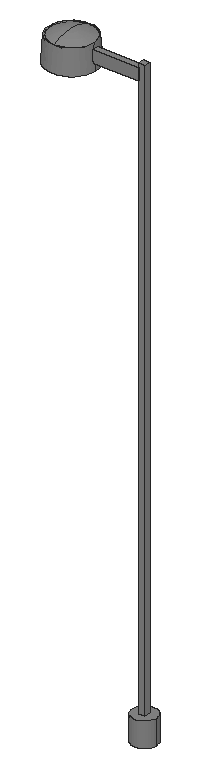
Revit family
Parameters (values of type "250 watt Sodium")
  Wattage = 151.472 W
  built-in parameter 1150110 = 1 (stored number, unit not read)
  built-in parameter 1114217 = 1 (stored number, unit not read)
  built-in parameter 1150109 = 1 (stored number, unit not read)
  built-in parameter 1150134 = 3
  built-in parameter 1150113 = 1 (stored number, unit not read)
  Material = Metal - Paint Finish - Dark Gray,Matte
  built-in parameter 1150105 = 1790.5 (stored number, unit not read)
  built-in parameter 1150115 = 1 (stored number, unit not read)
  Light Source Symbol Size = 609.60 mm
  built-in parameter 1150137 = (empty or 0)
  built-in parameter 1150139 = (empty or 0)
  built-in parameter 1150112 = 1 (stored number, unit not read)
  built-in parameter 1150114 = 1 (stored number, unit not read)
  Keynote = "V"
  built-in parameter 1150132 = 2
  built-in parameter 1150102 = (empty or 0)
  built-in parameter 1150107 = 3200 (stored number, unit not read)
  built-in parameter 1150138 = (empty or 0)
  built-in parameter 1150106 = 17.905 (stored number, unit not read)
  Height = 7620.00 mm
  Lamp = "E-18"
  Lumens = 22500 lm
  Wattage Comments = "250"
  built-in parameter 1150104 = 13.8 (stored number, unit not read)
  Dimming Lamp Color Temperature Shift = (empty or 0)
  Color Filter = 16777215
  built-in parameter 1114218 = 1 (stored number, unit not read)
  built-in parameter 1150133 = 10 (stored number, unit not read)
Types (4, lengths in mm): name | Wattage | built-in parameter 1150105 | built-in parameter 1150106 | Lamp | Lumens | Wattage Comments
  (no name) | 151.472 W | 1790.5 (stored number, unit not read) | 17.905 (stored number, unit not read) | "E-18" | 22500 lm | "250"
  400 watt Halogen | 48.4712 W | 572.96 (stored number, unit not read) | 5.7296 (stored number, unit not read) | "T-4" | 7200 lm | "400"
  250 watt Sodium | 151.472 W | 1790.5 (stored number, unit not read) | 17.905 (stored number, unit not read) | "E-18" | 22500 lm | "250"
  250 watt Halogen | 30.2945 W | 358.1 (stored number, unit not read) | 3.581 (stored number, unit not read) | "T-4" | 4500 lm | "250"
Reference planes
  plane 1 "Light Source Axis": y = 0
  plane 2: z = 0
  plane 3 "Center": x = 0
  plane 4: z = 7620
  plane 5 "Light Source Elevation": z = 7315.2
  plane 6: z = 304.8
  plane 7 "Light Source Axis": x = -914.4
  plane 8 "Top": z = 7569.2
  plane 9: z = 7416.8
  plane 10: y = 0
  plane 11: y = 0
Forms (mm)
  Extrusion 1, solid, material "Metal - Paint Finish - Dark Gray,Matte" <- "Material"
    sketch origin (0, 0, 0) x (1, 0, 0) y (0, 1, 0)
      loop
        circle (0, 0) r 152.4
    from 0 to 304.8
  Extrusion 2, solid, material "Metal - Paint Finish - Dark Gray,Matte" <- "Material"
    sketch origin (0, 0, 0) x (1, 0, 0) y (0, 1, 0)
      loop
        line (-38.1, 38.1) -> (-38.1, -38.1) -> (38.1, -38.1) -> (38.1, 38.1) -> (-38.1, 38.1)
    from 304.8 to 7620
  Extrusion 3, solid, material "Metal - Paint Finish - Dark Gray,Matte" <- "Material"
    sketch origin (0, 0, 0) x (1, 0, 0) y (0, 1, 0)
      loop
        line (-38.1, 38.1) -> (-914.4, 38.1) -> (-914.4, -38.1) -> (-38.1, -38.1) -> (-38.1, 38.1)
    from 7416.8 to 7569.2
  Blend 4, solid, material "Metal - Paint Finish - Dark Gray,Matte" <- "Material"
    base sketch origin (0, 0, 0) x (1, 0, 0) y (0, 1, 0)
      loop
        circle (-914.4, 0) r 304.8
    top sketch origin (0, 0, 0) x (1, 0, 0) y (0, 1, 0)
      loop
        circle (-914.4, 0) r 279.4
    from 7315.2 to 7620
  Revolve 5, solid, material "Glass - Frosted"
    sketch origin (-914.4, 0, 0) x (0, 0, -1) y (0, -1, 0)
      loop
        arc (-7315.2, -266.7) -> (-7264.968, -137.236) -> (-7243.738, 0) r 642.256
        line (-7243.738, 0) -> (-7256.438, 0) -> (-7315.2, -228.633) -> (-7315.2, -266.7)
      axis (-7315.2, 0) -> (-7243.738, 0)
    angle from 0 to 360
  Revolve 6, solid, material "Metal - Paint Finish - Dark Gray,Matte" <- "Material"
    sketch origin (-914.4, 0, 14935.2) x (0, 0, 1) y (0, 1, 0)
      loop
        line (-7315.2, 266.7) -> (-7315.2, 228.633) -> (-7256.438, 0) -> (-7243.738, 0)
        arc (-7243.738, 0) -> (-7264.968, 137.236) -> (-7315.2, 266.7) r 642.256
      axis (-7315.2, 0) -> (-7243.738, 0)
    angle from 0 to 360
Lines and regions (mm)
  symbolic lines, style "Exterior"
    curve 1: arc (152.4, 0, 0) -> (0, 152.4, 0) -> (-152.4, 0, 0) r 152.4
    curve 2: arc (-152.4, 0, 0) -> (0, -152.4, 0) -> (152.4, 0, 0) r 152.4
    curve 3: arc (12.7, 0, 0) -> (0, 12.7, 0) -> (-12.7, 0, 0) r 12.7
    curve 4: arc (-12.7, 0, 0) -> (0, -12.7, 0) -> (12.7, 0, 0) r 12.7
    curve 5: arc (152.4, 0, 0) -> (0, 152.4, 0) -> (-152.4, 0, 0) r 152.4
    curve 6: arc (-152.4, 0, 0) -> (0, -152.4, 0) -> (152.4, 0, 0) r 152.4
    curve 7: line (38.1, 38.1, 0) -> (-611.949, 38.1, 0)
    curve 8: line (38.1, -38.1, 0) -> (38.1, 38.1, 0)
    curve 9: line (-611.949, -38.1, 0) -> (38.1, -38.1, 0)
    curve 10: line (-914.4, 38.1, 0) -> (-914.4, -38.1, 0)
    curve 11: arc (-611.949, 38.1, 0) -> (-933.487, 304.243, 0) -> (-1219.241, 0, 0) r 304.841
    curve 12: arc (-1219.241, 0, 0) -> (-933.487, -304.243, 0) -> (-611.949, -38.1, 0) r 304.841
    curve 13: arc (-634.935, 0, 0) -> (-914.4, 279.465, 0) -> (-1193.865, 0, 0) r 279.465
    curve 14: arc (-1193.865, 0, 0) -> (-914.4, -279.465, 0) -> (-634.935, 0, 0) r 279.465
Dimensions and locks
  "Height": plane 4 to plane 2
  plane 7 "Light Source Axis" to plane 3 "Center" = 914.40 mm
  locked: plane 4 to plane 8 "Top" at 50.8
  locked: plane 8 "Top" to plane 9 at 152.4
  locked: plane 9 to plane 5 "Light Source Elevation" at 101.6
  aligned and locked: Extrusion 2 to Extrusion 1
  aligned and locked: Extrusion 2 to plane 4
  aligned and locked: Extrusion 3 sketch curve to Extrusion 2  (x2)
  aligned and locked: plane 7 "Light Source Axis" to Extrusion 3 sketch curve
  aligned and locked: plane 9 to Extrusion 3
  aligned and locked: plane 5 "Light Source Elevation" to Blend 4
  aligned and locked: Blend 4 to plane 4
  aligned and locked: Extrusion 3 to plane 8 "Top"
  aligned and locked: plane 7 "Light Source Axis" to curve 10
  aligned and locked: plane 7 "Light Source Axis" to imposter light
  aligned and locked: plane 1 "Light Source Axis" to imposter light
  aligned and locked: plane 5 "Light Source Elevation" to imposter light
Automatic sketch dimensions
  Extrusion 1 sketch curve to plane 1 "Light Source Axis" = 0.00 mm
  Extrusion 1 sketch curve to plane 3 "Center" = 0.00 mm
  Extrusion 1 sketch curve to plane 3 "Center" = 152.40 mm
  plane 3 "Center" to Extrusion 2 sketch curve = 38.10 mm
  plane 1 "Light Source Axis" to Extrusion 2 sketch curve = 38.10 mm
  Extrusion 2 sketch curve to plane 1 "Light Source Axis" = 38.10 mm
  Extrusion 2 sketch curve to plane 3 "Center" = 38.10 mm
  plane 1 "Light Source Axis" to Extrusion 3 sketch curve = 38.10 mm
  Blend 4 sketch curve to plane 1 "Light Source Axis" = 0.00 mm  (x2)
  Blend 4 sketch curve to plane 7 "Light Source Axis" = 0.00 mm  (x2)
  Blend 4 sketch curve to Blend 4 sketch curve = 304.80 mm
  Blend 4 sketch curve to Blend 4 sketch curve = 279.40 mm
  Revolve 5 sketch curve to plane 1 "Light Source Axis" = 0.00 mm  (x2)
  Revolve 5 sketch curve to plane 5 "Light Source Elevation" = 0.00 mm  (x2)
  plane 9 to Revolve 5 sketch curve = 25.40 mm
  plane 1 "Light Source Axis" to Revolve 5 sketch curve = 28.992 mm
  Revolve 5 sketch curve to plane 4 = 265.339 mm
  plane 5 "Light Source Elevation" to Revolve 5 sketch curve = 58.762 mm
  Revolve 5 sketch curve to Revolve 5 sketch curve = 12.70 mm
  Revolve 5 sketch curve to Revolve 5 sketch curve = 38.067 mm
  Revolve 6 sketch curve to plane 1 "Light Source Axis" = 0.00 mm  (x2)
  plane 5 "Light Source Elevation" to Revolve 6 sketch curve = 265.339 mm
  plane 4 to Revolve 6 sketch curve = 76.20 mm
  Revolve 6 sketch curve to Revolve 6 sketch curve = 76.20 mm
  Revolve 6 sketch curve to plane 4 = 0.00 mm
  Revolve 6 sketch curve to Revolve 6 sketch curve = 58.762 mm
  Revolve 6 sketch curve to Revolve 6 sketch curve = 12.70 mm
  plane 1 "Light Source Axis" to Revolve 6 sketch curve = 28.992 mm
  Revolve 6 sketch curve to Revolve 6 sketch curve = 38.067 mm
  curve 12 to plane 1 "Light Source Axis" = 0.00 mm
  curve 14 to plane 1 "Light Source Axis" = 0.00 mm
  curve 11 to plane 7 "Light Source Axis" = 0.00 mm
  curve 14 to plane 7 "Light Source Axis" = 0.00 mm
  curve 5 to plane 1 "Light Source Axis" = 0.00 mm
  curve 2 to plane 1 "Light Source Axis" = 0.00 mm
  curve 4 to plane 1 "Light Source Axis" = 0.00 mm
  curve 5 to plane 3 "Center" = 0.00 mm
  curve 4 to plane 3 "Center" = 0.00 mm
  curve 1 to plane 3 "Center" = 0.00 mm
  curve 11 to curve 13 = 25.376 mm
  curve 5 to plane 3 "Center" = 152.40 mm
  curve 2 to curve 6 = 0.00 mm
  curve 4 to plane 3 "Center" = 12.70 mm
  plane 3 "Center" to curve 7 = 38.10 mm
  plane 1 "Light Source Axis" to curve 8 = 38.10 mm
  curve 12 to plane 7 "Light Source Axis" = 0.00 mm
  curve 7 to curve 12 = 0.00 mm
  curve 10 to plane 1 "Light Source Axis" = 38.10 mm
  plane 7 "Light Source Axis" to curve 14 = 279.465 mm
  plane 1 "Light Source Axis" to curve 10 = 38.10 mm
